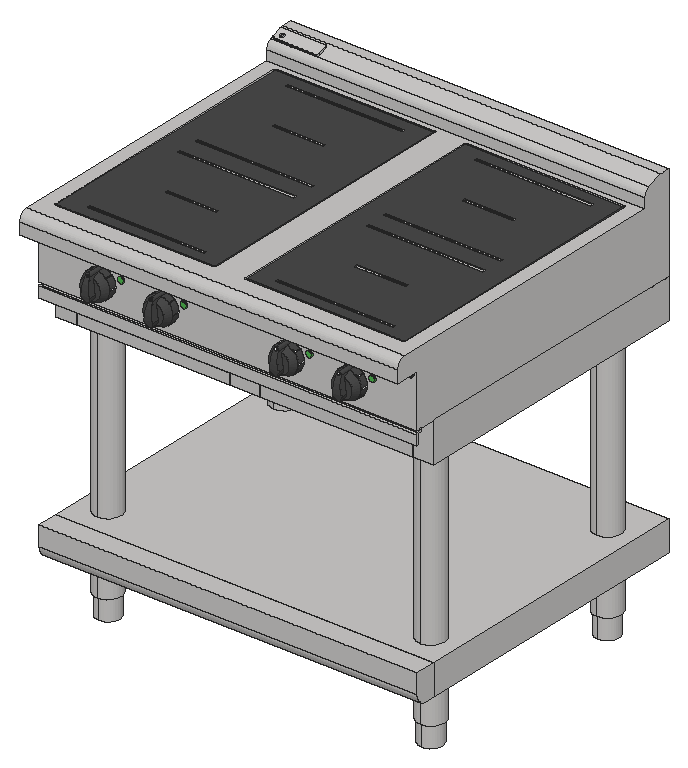
Revit family "QF_Moffat_INL8400R5-LS_Induction Cooktop_cat", category Specialty Equipment, Revit 2019 (continued)
Definition of nested family "QF_LOGO_Waldorf1"
  Forms (mm)
    Extrusion 1, solid
      sketch origin (0, 0, 0) x (1, 0, 0) y (0, 0.920505, 0.390731)
        loop
          spline (4, 26.711) -> (3.478, 26.681) -> (2.965, 26.593) -> (2.469, 26.447) -> (2, 26.247) -> (1.565, 25.995) -> (1.172, 25.696) -> (0.827, 25.355) -> (0.536, 24.979) -> (0.304, 24.572) -> (0.136, 24.143) -> (0.034, 23.699) -> (0, 23.247)
          line (0, 23.247) -> (0, 3.464)
          spline (0, 3.464) -> (0.034, 3.012) -> (0.136, 2.568) -> (0.304, 2.138) -> (0.536, 1.732) -> (0.827, 1.355) -> (1.172, 1.015) -> (1.565, 0.716) -> (2, 0.464) -> (2.469, 0.264) -> (2.965, 0.118) -> (3.478, 0.03) -> (4, 0)
          line (4, 0) -> (105, 0)
          spline (105, 0) -> (105.522, 0.03) -> (106.035, 0.118) -> (106.531, 0.264) -> (107, 0.464) -> (107.435, 0.716) -> (107.828, 1.015) -> (108.173, 1.355) -> (108.464, 1.732) -> (108.696, 2.138) -> (108.864, 2.568) -> (108.966, 3.012) -> (109, 3.464)
        loop
          line (14.75, 7.005) -> (14.75, 15.654)
          arc (14.75, 15.654) -> (10.425, 11.329) -> (14.75, 7.005) r 4.325
        loop
          line (15.25, 15.654) -> (15.25, 7.005)
          arc (15.25, 7.005) -> (19.575, 11.329) -> (15.25, 15.654) r 4.325
      from 0 to 3.2
    Extrusion 2, solid
      sketch origin (0, 0, 0) x (1, 0, 0) y (0, 0.920505, 0.390731)
        loop
          line (15.25, 15.654) -> (15.25, 7.005)
          arc (15.25, 7.005) -> (19.575, 11.329) -> (15.25, 15.654) r 4.325
      from 0 to 3.2
    Extrusion 3, solid
      sketch origin (16.271, 0, 0) x (-1, 0, 0) y (0, -0.920505, -0.390731)
        loop
          arc (1.521, -15.654) -> (5.846, -11.329) -> (1.521, -7.005) r 4.325
          line (1.521, -7.005) -> (1.521, -15.654)
      from 0 to 3.2
  Lines and regions (mm)
    Split face 1
      outline origin (0, -1.25, 2.946) x (1, 0, 0) y (0, 0.920505, 0.390731)
        loop
          spline (22.129, 16.975) -> (22.389, 15.984) -> (22.649, 15.002) -> (22.91, 14.028) -> (23.172, 13.065) -> (23.433, 12.11) -> (23.695, 11.166) -> (23.956, 10.232) -> (24.218, 9.308) -> (24.479, 8.396) -> (24.74, 7.495) -> (25, 6.605) -> (25.26, 5.728)
          line (25.26, 5.728) -> (29.463, 5.728)
          spline (29.463, 5.728) -> (29.582, 6.252) -> (29.701, 6.78) -> (29.82, 7.313) -> (29.939, 7.85) -> (30.058, 8.391) -> (30.178, 8.936) -> (30.297, 9.485) -> (30.416, 10.038) -> (30.536, 10.594) -> (30.655, 11.155) -> (30.775, 11.719) -> (30.894, 12.287)
          spline (30.894, 12.287) -> (31.018, 11.719) -> (31.142, 11.155) -> (31.266, 10.594) -> (31.39, 10.038) -> (31.514, 9.485) -> (31.638, 8.936) -> (31.762, 8.391) -> (31.885, 7.85) -> (32.009, 7.313) -> (32.133, 6.78) -> (32.256, 6.252) -> (32.379, 5.728)
          line (32.379, 5.728) -> (36.51, 5.728)
          spline (36.51, 5.728) -> (36.766, 6.605) -> (37.023, 7.495) -> (37.28, 8.396) -> (37.538, 9.308) -> (37.795, 10.232) -> (38.053, 11.166) -> (38.311, 12.11) -> (38.569, 13.065) -> (38.826, 14.028) -> (39.083, 15.002) -> (39.34, 15.984) -> (39.597, 16.975)
          line (39.597, 16.975) -> (35.637, 16.975)
          spline (35.637, 16.975) -> (35.523, 16.334) -> (35.41, 15.697) -> (35.296, 15.063) -> (35.182, 14.433) -> (35.068, 13.807) -> (34.954, 13.185) -> (34.84, 12.566) -> (34.726, 11.952) -> (34.612, 11.342) -> (34.497, 10.737) -> (34.383, 10.135) -> (34.269, 9.538)
          spline (34.269, 9.538) -> (34.138, 10.135) -> (34.008, 10.737) -> (33.877, 11.342) -> (33.746, 11.952) -> (33.616, 12.566) -> (33.485, 13.185) -> (33.354, 13.807) -> (33.224, 14.433) -> (33.093, 15.063) -> (32.963, 15.697) -> (32.833, 16.334) -> (32.703, 16.975)
          line (32.703, 16.975) -> (29.247, 16.975)
          spline (29.247, 16.975) -> (29.111, 16.334) -> (28.974, 15.697) -> (28.837, 15.063) -> (28.7, 14.433) -> (28.562, 13.807) -> (28.425, 13.185) -> (28.288, 12.566) -> (28.15, 11.952) -> (28.013, 11.342) -> (27.875, 10.737) -> (27.738, 10.135) -> (27.6, 9.538)
          spline (27.6, 9.538) -> (27.483, 10.135) -> (27.366, 10.737) -> (27.249, 11.342) -> (27.132, 11.952) -> (27.015, 12.566) -> (26.897, 13.185) -> (26.78, 13.807) -> (26.663, 14.433) -> (26.546, 15.063) -> (26.43, 15.697) -> (26.313, 16.334) -> (26.196, 16.975)
          line (26.196, 16.975) -> (22.129, 16.975)
    Split face 2
      outline origin (0, -1.25, 2.946) x (1, 0, 0) y (0, 0.920505, 0.390731)
        loop
          line (51.449, 5.728) -> (51.035, 6.606) -> (51.035, 11.169)
          spline (51.035, 11.169) -> (50.686, 12.42) -> (50.176, 13.224) -> (49.51, 13.708) -> (48.693, 13.995) -> (47.747, 14.152) -> (46.698, 14.207) -> (45.579, 14.186) -> (44.419, 14.114) -> (43.279, 13.929) -> (42.249, 13.481) -> (41.424, 12.614) -> (40.897, 11.169)
          line (40.897, 11.169) -> (44.617, 11.169) -> (44.988, 11.965)
          spline (44.988, 11.965) -> (47.294, 11.682) -> (46.856, 10.932) -> (45.527, 10.609) -> (43.858, 10.439) -> (42.259, 10.123) -> (41.078, 9.417) -> (40.563, 8.246) -> (40.689, 6.989) -> (41.407, 6.052) -> (42.774, 5.536) -> (44.847, 5.497) -> (47.306, 6.602)
          line (47.306, 6.602) -> (47.624, 5.728) -> (51.449, 5.728)
    Split face 3
      outline origin (0, -1.25, 2.946) x (1, 0, 0) y (0, 0.920505, 0.390731)
        loop
          line (47.264, 9.264) -> (44.938, 8.597)
          spline (44.938, 8.597) -> (44.508, 8.228) -> (44.402, 7.9) -> (44.548, 7.626) -> (44.877, 7.42) -> (45.317, 7.295) -> (45.797, 7.265) -> (46.252, 7.342) -> (46.65, 7.525) -> (46.971, 7.813) -> (47.194, 8.201) -> (47.298, 8.685) -> (47.264, 9.264)
    Split face 4
      outline origin (0, -1.25, 2.946) x (1, 0, 0) y (0, 0.920505, 0.390731)
        loop
          line (53.33, 16.975) -> (53.33, 5.728) -> (57.173, 5.728) -> (57.173, 16.975) -> (53.33, 16.975)
    Split face 5
      outline origin (0, -1.25, 2.946) x (1, 0, 0) y (0, 0.920505, 0.390731)
        loop
          line (65.795, 16.975) -> (65.795, 12.976)
          spline (65.795, 12.976) -> (63.839, 14.082) -> (62.087, 14.096) -> (60.633, 13.343) -> (59.574, 12.148) -> (58.99, 10.806) -> (58.867, 9.452) -> (59.156, 8.159) -> (59.81, 7) -> (60.786, 6.056) -> (62.111, 5.514) -> (63.868, 5.634) -> (66.137, 6.679)
          line (66.137, 6.679) -> (66.137, 5.728) -> (69.511, 5.728) -> (69.511, 16.975) -> (65.795, 16.975)
    Split face 6
      outline origin (0, -1.25, 2.946) x (1, 0, 0) y (0, 0.920505, 0.390731)
        loop
          spline (64.273, 7.499) -> (64.754, 7.57) -> (65.202, 7.777) -> (65.587, 8.106) -> (65.882, 8.535) -> (66.067, 9.034) -> (66.131, 9.57) -> (66.067, 10.106) -> (65.882, 10.605) -> (65.587, 11.034) -> (65.202, 11.363) -> (64.754, 11.57) -> (64.273, 11.64)
          spline (64.273, 11.64) -> (63.793, 11.57) -> (63.345, 11.363) -> (62.96, 11.034) -> (62.665, 10.605) -> (62.479, 10.106) -> (62.416, 9.57) -> (62.479, 9.034) -> (62.665, 8.535) -> (62.96, 8.106) -> (63.345, 7.777) -> (63.793, 7.57) -> (64.273, 7.499)
    Split face 7
      outline origin (0, -1.25, 2.946) x (1, 0, 0) y (0, 0.920505, 0.390731)
        loop
          spline (76.449, 5.305) -> (77.855, 5.457) -> (79.166, 5.901) -> (80.291, 6.607) -> (81.155, 7.527) -> (81.698, 8.599) -> (81.883, 9.749) -> (81.698, 10.899) -> (81.155, 11.97) -> (80.291, 12.891) -> (79.166, 13.597) -> (77.855, 14.041) -> (76.449, 14.192)
          spline (76.449, 14.192) -> (75.042, 14.041) -> (73.731, 13.597) -> (72.606, 12.891) -> (71.742, 11.97) -> (71.199, 10.899) -> (71.014, 9.749) -> (71.199, 8.599) -> (71.742, 7.527) -> (72.606, 6.607) -> (73.731, 5.901) -> (75.042, 5.457) -> (76.449, 5.305)
    Split face 8
      outline origin (0, -1.25, 2.946) x (1, 0, 0) y (0, 0.920505, 0.390731)
        loop
          spline (76.449, 7.654) -> (76.841, 7.725) -> (77.206, 7.934) -> (77.52, 8.267) -> (77.76, 8.701) -> (77.912, 9.206) -> (77.963, 9.749) -> (77.912, 10.291) -> (77.76, 10.796) -> (77.52, 11.23) -> (77.206, 11.563) -> (76.841, 11.772) -> (76.449, 11.843)
          spline (76.449, 11.843) -> (76.057, 11.772) -> (75.691, 11.563) -> (75.378, 11.23) -> (75.137, 10.796) -> (74.986, 10.291) -> (74.934, 9.749) -> (74.986, 9.206) -> (75.137, 8.701) -> (75.378, 8.267) -> (75.691, 7.934) -> (76.057, 7.725) -> (76.449, 7.654)
    Split face 9
      outline origin (0, -1.25, 2.946) x (1, 0, 0) y (0, 0.920505, 0.390731)
        loop
          line (86.998, 12.335) -> (86.998, 13.879) -> (83.479, 13.879) -> (83.479, 5.728) -> (87.312, 5.728) -> (87.312, 8.975)
          spline (87.312, 8.975) -> (87.364, 9.356) -> (87.458, 9.686) -> (87.594, 9.968) -> (87.769, 10.204) -> (87.982, 10.398) -> (88.229, 10.55) -> (88.509, 10.666) -> (88.82, 10.746) -> (89.16, 10.794) -> (89.525, 10.812) -> (89.915, 10.803) -> (90.327, 10.77)
          line (90.327, 10.77) -> (90.327, 14.113)
          spline (90.327, 14.113) -> (89.929, 14.127) -> (89.552, 14.111) -> (89.197, 14.066) -> (88.865, 13.991) -> (88.554, 13.887) -> (88.266, 13.754) -> (87.999, 13.591) -> (87.755, 13.399) -> (87.532, 13.177) -> (87.332, 12.926) -> (87.154, 12.645) -> (86.998, 12.335)
    Split face 10
      outline origin (0, -1.25, 2.946) x (1, 0, 0) y (0, 0.920505, 0.390731)
        loop
          line (92.082, 13.879) -> (90.894, 13.879) -> (90.894, 11.972) -> (92.082, 11.972) -> (92.082, 5.728) -> (95.871, 5.728) -> (95.871, 11.972) -> (97.5, 11.972) -> (97.5, 13.879) -> (95.871, 13.879)
          spline (95.871, 13.879) -> (95.843, 14.088) -> (95.845, 14.278) -> (95.877, 14.447) -> (95.939, 14.596) -> (96.03, 14.726) -> (96.151, 14.835) -> (96.301, 14.925) -> (96.482, 14.995) -> (96.692, 15.045) -> (96.931, 15.075) -> (97.201, 15.085) -> (97.5, 15.076)
          line (97.5, 15.076) -> (97.5, 17.266) -> (95.367, 17.266)
          spline (95.367, 17.266) -> (94.982, 17.253) -> (94.58, 17.21) -> (94.174, 17.132) -> (93.774, 17.013) -> (93.39, 16.846) -> (93.034, 16.627) -> (92.717, 16.349) -> (92.448, 16.007) -> (92.24, 15.595) -> (92.102, 15.106) -> (92.046, 14.537) -> (92.082, 13.879)
  Dimensions and locks
    equal spacing: plane 3 "LEFT", plane 7 "Center Y", plane 4 "RIGHT"
    "Length": plane 3 "LEFT" to plane 4 "RIGHT"
    equal spacing: plane 5 "FRONT", plane 8 "Center X", plane 1 "BACK"
    "Depth": plane 5 "FRONT" to plane 1 "BACK"
    "Height": plane 6 "TOP" to level
    plane 4 "RIGHT" to plane 3 "LEFT" = 138 mm
    aligned and locked: level to plane 2
  Automatic sketch dimensions
    Extrusion 1 sketch curve to plane 3 "LEFT" = 0 mm
    plane 3 "LEFT" to Extrusion 1 sketch curve = 4 mm  (x2)
    Extrusion 1 sketch curve to Extrusion 1 sketch curve = 10.75 mm
    Extrusion 1 sketch curve to Extrusion 1 sketch curve = 0.5 mm
    plane 4 "RIGHT" to Extrusion 1 sketch curve = 33 mm
    Extrusion 1 sketch curve to Extrusion 1 sketch curve = 0 mm  (x3)
    Extrusion 1 sketch curve to Extrusion 1 sketch curve = 4 mm
    Extrusion 1 sketch curve to Extrusion 1 sketch curve = 3.464 mm  (x3)
    Extrusion 1 sketch curve to Extrusion 1 sketch curve = 3.541 mm
    Extrusion 1 sketch curve to Extrusion 1 sketch curve = 4.325 mm
    Extrusion 1 sketch curve to Extrusion 1 sketch curve = 19.783 mm
    Extrusion 1 sketch curve to Extrusion 1 sketch curve = 7.592 mm
    plane 3 "LEFT" to Extrusion 2 sketch curve = 15.25 mm
    Extrusion 2 sketch curve to Extrusion 2 sketch curve = 4.325 mm
    plane 3 "LEFT" to Extrusion 3 sketch curve = 14.75 mm
    Extrusion 3 sketch curve to Extrusion 3 sketch curve = 4.325 mm
    Extrusion 1 to Split face 1 sketch curve = 6.879 mm
    Split face 1 sketch curve to Extrusion 1 = 5.728 mm
    Split face 1 sketch curve to Split face 1 sketch curve = 3.132 mm
    Split face 1 sketch curve to Split face 1 sketch curve = 4.068 mm
    Split face 1 sketch curve to Split face 1 sketch curve = 3.051 mm
    Split face 1 sketch curve to Split face 1 sketch curve = 4.203 mm
    Split face 1 sketch curve to Split face 1 sketch curve = 2.916 mm
    Split face 1 sketch curve to Split face 1 sketch curve = 3.456 mm
    Split face 1 sketch curve to Split face 1 sketch curve = 2.934 mm
    Split face 1 sketch curve to Split face 1 sketch curve = 4.131 mm
    Split face 1 sketch curve to Split face 1 sketch curve = 3.96 mm
    Split face 1 sketch curve to Split face 1 sketch curve = 0 mm  (x2)
    Split face 1 sketch curve to Extrusion 1 = 9.736 mm  (x2)
    Extrusion 1 to Split face 1 sketch curve = 6.337 mm
    Extrusion 1 to Split face 1 sketch curve = 6.231 mm
    Extrusion 1 to Split face 1 sketch curve = 3.184 mm
    Extrusion 1 to Split face 1 sketch curve = 13.135 mm
    Split face 1 sketch curve to Split face 1 sketch curve = 4.652 mm
    Split face 1 sketch curve to Split face 1 sketch curve = 3.593 mm
    Split face 1 sketch curve to Split face 1 sketch curve = 1.863 mm
    Split face 1 sketch curve to Split face 1 sketch curve = 0.713 mm
    Split face 1 sketch curve to Split face 1 sketch curve = 2.684 mm
    Split face 1 sketch curve to Split face 1 sketch curve = 3.294 mm
    Split face 1 sketch curve to Split face 1 sketch curve = 0.459 mm
    Split face 1 sketch curve to Split face 1 sketch curve = 2.775 mm
    Split face 1 sketch curve to Split face 1 sketch curve = 1.89 mm
    Split face 1 sketch curve to Split face 1 sketch curve = 0.685 mm
    Split face 1 sketch curve to Split face 1 sketch curve = 9.486 mm
    Split face 1 sketch curve to Split face 1 sketch curve = 16.213 mm
    Split face 1 sketch curve to Split face 1 sketch curve = 3.48 mm
    Split face 1 sketch curve to Split face 1 sketch curve = 4.918 mm
    Split face 1 sketch curve to Split face 1 sketch curve = 7.609 mm
    Split face 1 sketch curve to Split face 1 sketch curve = 0.01 mm  (x2)
    Split face 1 sketch curve to Split face 1 sketch curve = 0.002 mm
    Split face 2 sketch curve to Extrusion 1 = 11.169 mm
    Extrusion 1 to Split face 2 sketch curve = 25.647 mm
    Split face 2 sketch curve to Split face 2 sketch curve = 3.72 mm
    Split face 2 sketch curve to Extrusion 1 = 11.965 mm
    Split face 2 sketch curve to Split face 2 sketch curve = 0.371 mm
    Split face 2 sketch curve to Extrusion 1 = 6.602 mm
    Split face 2 sketch curve to Split face 2 sketch curve = 2.689 mm
    Split face 2 sketch curve to Split face 2 sketch curve = 0.318 mm
    Split face 2 sketch curve to Split face 2 sketch curve = 3.729 mm
    Split face 2 sketch curve to Split face 2 sketch curve = 0.414 mm
    Split face 2 sketch curve to Split face 2 sketch curve = 0.875 mm
    Split face 2 sketch curve to Split face 2 sketch curve = 0.878 mm
    Split face 3 sketch curve to Extrusion 1 = 8.597 mm
    Extrusion 1 to Split face 3 sketch curve = 29.688 mm
    Split face 3 sketch curve to Extrusion 1 = 9.264 mm
    Split face 3 sketch curve to Split face 3 sketch curve = 2.326 mm
    Split face 4 sketch curve to Extrusion 1 = 5.728 mm
    Extrusion 1 to Split face 4 sketch curve = 38.08 mm
    Split face 4 sketch curve to Split face 4 sketch curve = 3.843 mm
    Split face 4 sketch curve to Extrusion 1 = 9.736 mm
    Split face 5 sketch curve to Extrusion 1 = 9.736 mm
    Split face 5 sketch curve to Extrusion 1 = 43.205 mm
    Split face 5 sketch curve to Extrusion 1 = 6.679 mm
    Split face 5 sketch curve to Split face 5 sketch curve = 0.342 mm
    Split face 5 sketch curve to Split face 5 sketch curve = 3.375 mm
    Split face 5 sketch curve to Split face 5 sketch curve = 0.952 mm
    Split face 5 sketch curve to Split face 5 sketch curve = 3.998 mm
    Split face 6 sketch curve to Extrusion 1 = 7.499 mm
    Split face 6 sketch curve to Extrusion 1 = 44.727 mm
    Split face 6 sketch curve to Split face 6 sketch curve = 2.07 mm
    Split face 7 sketch curve to Extrusion 1 = 5.305 mm
    Split face 7 sketch curve to Extrusion 1 = 32.551 mm
    Split face 7 sketch curve to Split face 7 sketch curve = 4.443 mm
    Split face 8 sketch curve to Extrusion 1 = 7.654 mm
    Split face 8 sketch curve to Extrusion 1 = 32.551 mm
    Split face 8 sketch curve to Split face 8 sketch curve = 2.095 mm
    Split face 9 sketch curve to Extrusion 1 = 5.728 mm
    Split face 9 sketch curve to Extrusion 1 = 25.521 mm
    Split face 9 sketch curve to Split face 9 sketch curve = 3.519 mm
    Split face 9 sketch curve to Split face 9 sketch curve = 0.315 mm
    Split face 9 sketch curve to Split face 9 sketch curve = 3.33 mm
    Split face 9 sketch curve to Split face 9 sketch curve = 3.248 mm
    Split face 9 sketch curve to Split face 9 sketch curve = 1.795 mm
    Split face 9 sketch curve to Split face 9 sketch curve = 3.36 mm
    Split face 9 sketch curve to Split face 9 sketch curve = 1.545 mm
    Split face 9 sketch curve to Split face 9 sketch curve = 0.233 mm
    Split face 10 sketch curve to Extrusion 1 = 18.106 mm
    Split face 10 sketch curve to Split face 10 sketch curve = 1.188 mm  (x2)
    Split face 10 sketch curve to Split face 10 sketch curve = 3.285 mm
    Split face 10 sketch curve to Split face 10 sketch curve = 3.789 mm
    Split face 10 sketch curve to Split face 10 sketch curve = 0 mm  (x2)
    Split face 10 sketch curve to Split face 10 sketch curve = 1.629 mm
    Split face 10 sketch curve to Split face 10 sketch curve = 2.133 mm
    Split face 10 sketch curve to Extrusion 1 = 5.728 mm
    Split face 10 sketch curve to Split face 10 sketch curve = 6.245 mm
    Split face 10 sketch curve to Split face 10 sketch curve = 1.907 mm  (x2)
    Split face 10 sketch curve to Split face 10 sketch curve = 1.197 mm
    Split face 10 sketch curve to Split face 10 sketch curve = 2.19 mm
Types (2, lengths in mm): name | Volts | Cycle | Apparent Power
  INL8400R5-LS_415/60/3 | 415 V | 60 Hz | 20102.6 VA
  INL8400R5-LS_400/50/3 | 400 V | 50 Hz | 19376 VA
